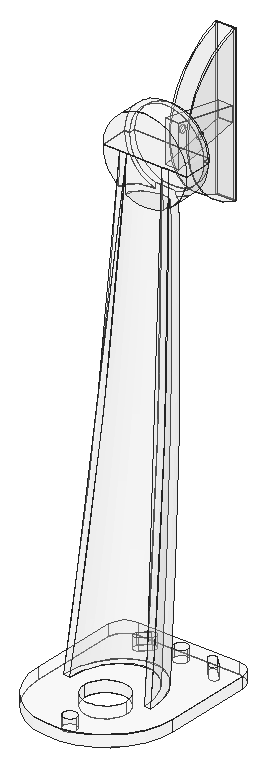
Revit family "DA-WM1500-IDIS", category Security Devices, host Face, Revit 2015
Parameters
  Default Elevation = 1219.2 mm
Reference planes
  plane 1 "중심(앞/뒤)": y = 0
  plane 2: z = 0
  plane 3 "중심(왼쪽/오른쪽)": x = 0
  plane 4: y = 29.268
  plane 5: z = 278.466
  plane 6: y = 49.386
  plane 7: y = 89.386
  plane 8: x = 4.615
  plane 9: x = -4.817
Forms (mm)
  Extrusion 1, solid, material "Metal - White - IDIS"
    sketch origin (0, 0, 0) x (1, 0, 0) y (0, 1, 0)
      loop
        arc (-30, 62) -> (-37.071, 59.071) -> (-40, 52) r 10
        line (-40, 52) -> (-40, 0)
        arc (-40, 0) -> (0, -40) -> (40, 0) r 40
        line (40, 0) -> (40, 52)
        arc (40, 52) -> (37.071, 59.071) -> (30, 62) r 10
        line (30, 62) -> (-30, 62)
    from -19.377 to 7
  Extrusion 2, void
    sketch origin (0, 0, 0) x (1, 0, 0) y (0, 1, 0)
      loop
        circle (0, 0) r 12.5
    from 0 to 250
  Extrusion 3, void
    sketch origin (0, 0, 0) x (1, 0, 0) y (0, 1, 0)
      loop
        circle (0, -26.859) r 4
    from 0 to 30
  Extrusion 4, void
    sketch origin (0, 0, 0) x (1, 0, 0) y (0, 1, 0)
      loop
        circle (0, 56.282) r 4
    from 0 to 30
  Extrusion 5, void
    sketch origin (0, 0, 0) x (1, 0, 0) y (0, 1, 0)
      loop
        line (-19.431, 58.685) -> (-24.387, 53.729)
        arc (-24.387, 53.729) -> (-24.387, 50.193) -> (-20.852, 50.193) r 2.5
        line (-20.852, 50.193) -> (-15.895, 55.149)
        arc (-15.895, 55.149) -> (-15.895, 58.685) -> (-19.431, 58.685) r 2.5
    from 0 to 30
  Extrusion 6, void
    sketch origin (39.41, 0, 0) x (1, 0, 0) y (0, 1, 0)
      loop
        arc (-19.431, 58.685) -> (-22.966, 58.685) -> (-22.966, 55.149) r 2.5
        line (-22.966, 55.149) -> (-18.01, 50.193)
        arc (-18.01, 50.193) -> (-14.474, 50.193) -> (-14.474, 53.729) r 2.5
        line (-14.474, 53.729) -> (-19.431, 58.685)
    from 0 to 30
  SweptBlend 7, solid, material "Metal - White - IDIS"
    path origin (0, 0, 0) x (0, 1, 0) y (0, 0, 1)
      loop
        arc (0, 0) -> (18.585, 138.818) -> (29.268, 278.466) r 2468.575
    profile origin (0, 0, 0) x (0, -0.986993, 0.160762) y (1, 0, 0)
      loop
        spline (0, 26.267) -> (-9.059, 25.367) -> (-17.5, 22.729) -> (-24.749, 18.533) -> (-30.311, 13.064) -> (-33.807, 6.696) -> (-35, -0.138) -> (-33.807, -6.972) -> (-30.311, -13.341) -> (-24.749, -18.809) -> (-17.5, -23.005) -> (-9.059, -25.643) -> (0, -26.543)
        line (0, -26.543) -> (0, -22.498)
        spline (0, -22.498) -> (-7.765, -21.735) -> (-15, -19.499) -> (-21.213, -15.941) -> (-25.981, -11.304) -> (-28.978, -5.904) -> (-30, -0.11) -> (-28.978, 5.685) -> (-25.981, 11.084) -> (-21.213, 15.721) -> (-15, 19.279) -> (-7.765, 21.515) -> (0, 22.278)
        line (0, 22.278) -> (0, 26.267)
    end profile origin (0, 29.268, 278.466) x (0, -0.998849, 0.047958) y (1, 0, 0)
      loop
        spline (0, 13.834) -> (-4.553, 13.343) -> (-8.796, 11.902) -> (-12.44, 9.611) -> (-15.236, 6.625) -> (-16.993, 3.148) -> (-17.593, -0.583) -> (-16.993, -4.314) -> (-15.236, -7.792) -> (-12.44, -10.777) -> (-8.796, -13.068) -> (-4.553, -14.509) -> (0, -15)
        line (0, -15) -> (0, -10.998)
        spline (0, -10.998) -> (-3.789, -10.643) -> (-7.319, -9.604) -> (-10.351, -7.951) -> (-12.678, -5.797) -> (-14.14, -3.289) -> (-14.639, -0.597) -> (-14.14, 2.095) -> (-12.678, 4.604) -> (-10.351, 6.758) -> (-7.319, 8.411) -> (-3.789, 9.45) -> (0, 9.804)
        line (0, 9.804) -> (0, 13.834)
  Revolve 8, solid, material "Metal - White - IDIS"
    sketch origin (0, 29.268, 278.466) x (0, -1, 0) y (1, 0, 0)
      loop
        line (0, 0) -> (0, 25) -> (-16.224, 25) -> (-16.224, 22.151) -> (-20.118, 22.151) -> (-20.118, 0) -> (0, 0)
      axis (-20.118, 0) -> (0, 0)
    angle from 0 to 360
  SweptBlend 9, solid, material "Metal - White - IDIS"
    path origin (0, 29.268, 278.466) x (0, -1, 0) y (1, 0, 0)
      loop
        line (-20.118, 0) -> (-60.118, 0)
    profile origin (0, 49.386, 278.466) x (-1, 0, 0) y (0, 0, 1)
      loop
        line (4.094, 12.558) -> (-4.109, 12.558) -> (-4.109, -12.442) -> (4.094, -12.442) -> (4.094, 12.558)
    end profile origin (0, 89.386, 278.466) x (-1, 0, 0) y (0, 0, 1)
      loop
        line (4.108, 4.78) -> (-4.128, 4.78) -> (-4.128, -4.52) -> (4.108, -4.52) -> (4.108, 4.78)
  Extrusion 10, solid, material "Metal - White - IDIS"
    sketch origin (-4.108, 89.386, 1219.2) x (-1, 0, 0) y (0, 0, 1)
      loop
        line (1.723, -894.431) -> (-9.731, -894.431) -> (-9.731, -987.076) -> (1.723, -987.076) -> (1.723, -894.431)
    from 0 to 1
  Extrusion 11, solid, material "Metal - White - IDIS"
    sketch origin (4.615, -4551.993, 290.951) x (0, 0, 1) y (0, -1, 0)
      loop
        arc (33.819, -4641.386) -> (-12.504, -4606.453) -> (-58.827, -4641.386) r 48.179
        line (-58.827, -4641.386) -> (33.819, -4641.386)
    from 0 to 1
  Extrusion 12, solid, material "Metal - White - IDIS"
    sketch origin (-4.817, -4551.993, 290.951) x (0, 0, 1) y (0, -1, 0)
      loop
        arc (33.819, -4641.386) -> (-12.504, -4606.453) -> (-58.827, -4641.386) r 48.179
        line (-58.827, -4641.386) -> (33.819, -4641.386)
    from 0 to -1
  Extrusion 13, void
    sketch origin (-4.817, -4572, 290.951) x (0, 0, -1) y (0, -1, 0)
      loop
        circle (12.484, -4635.91) r 2.011
    from 0 to 1
  Extrusion 14, void
    sketch origin (4.615, -4572, 290.951) x (0, 0, -1) y (0, -1, 0)
      loop
        circle (12.484, -4635.897) r 2.017
    from 0 to -1
  Extrusion 15, void
    sketch origin (4.615, -4571.386, 310.951) x (0, 0, -1) y (0, -1, 0)
      loop
        line (328.299, -4572) -> (310.951, -4572) -> (310.951, -4621.386) -> (328.299, -4621.386) -> (328.299, -4572)
    from 0 to -3
  Extrusion 16, void
    sketch origin (-4.817, -4572, 290.951) x (0, 0, 1) y (0, -1, 0)
      loop
        line (-290.951, -4661.386) -> (-290.951, -4501.386) -> (-330.951, -4501.386) -> (-330.951, -4661.386) -> (-290.951, -4661.386)
    from -75.174 to 90.021
Cuts and joins
  Extrusion 13 cuts Extrusion 12
  Extrusion 14 cuts SweptBlend 9
  Extrusion 14 cuts Extrusion 11
  Extrusion 2, Extrusion 3, Extrusion 4, Extrusion 5, Extrusion 6, Extrusion 15, Extrusion 16 cuts Extrusion 1
  Extrusion 15, Extrusion 16 cuts SweptBlend 7
  joined: Extrusion 1, SweptBlend 7, Revolve 8
Lines and regions (mm)
  reference lines
    curve 1: line (-1524, -38, 0) -> (1524, -38, 0)
    curve 2: line (-1524, 62, 0) -> (1524, 62, 0)
    curve 3: line (40, 177, 0) -> (40, -203, 0)
    curve 4: line (-40, 177, 0) -> (-40, -203, 0)
Dimensions and locks
  plane 5 to host face = 278.466 mm
  aligned and locked: plane 2 to host face
  aligned and locked: level to host face
